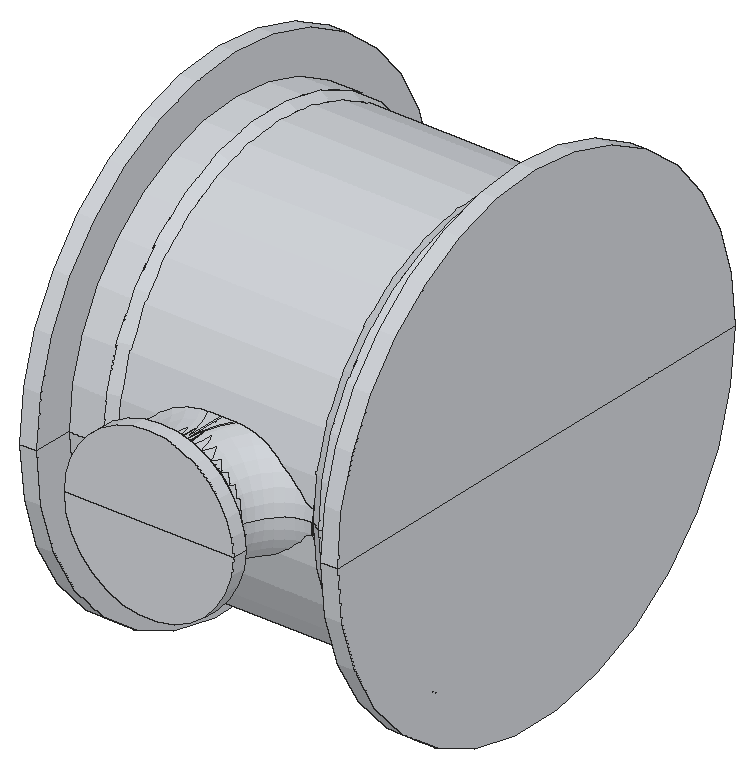
Revit family "0455f124df8f433390dfeb5a556bd6b6", category Pipe Fittings, Revit 2021
Family settings
  Round Connector Dimension = Use Radius
  Part Type = Tee
  OmniClass Number = 23.60.30.11.14
  OmniClass Title = Pipework Fittings
  Seek Item ID = Tee - PVC - Sch 40-0000-USA-ENU
  Work Plane-Based = No
  Always vertical = Yes
  Cut with Voids When Loaded = No
  Shared = No
Parameters (values of type "Standard")
  Visibility 1 [instance] = Angle = 90.00°  # yes
  Tick Size 2 [instance] = Fitting Outside Diameter 2 * 0.4  # 3.6080"
  Tick Size 1 [instance] = Fitting Outside Diameter 1 * 0.4  # 12.8000"
  Socket Outside Radius 2 [instance] = Socket Outside Diameter 2 / 2  # 4.8850"
  Socket Outside Radius 1 [instance] = Socket Outside Diameter 1 / 2  # 16.4100"
  Socket Outside Diameter 1 [instance] = size_lookup(Lookup Table Name, "SOD", 1.08 * Max Nominal Diameter 12 + 1.1300", Max Nominal Diameter 12)  # 32.8200"
  Socket Outside Diameter 2 [instance] = size_lookup(Lookup Table Name, "SOD", 1.08 * Nominal Diameter 2 + 1.1300", Nominal Diameter 2)  # 9.7700"
  Socket Depth 2 [instance] = if(Nominal Diameter 2 < 14.0000", 2.5000", if(Nominal Diameter 2 < 30.0000", 3.5000", 4.0000"))  # 2.5000"
  Socket Depth 1 [instance] = if(Max Nominal Diameter 12 < 14.0000", 2.5000", if(Max Nominal Diameter 12 < 30.0000", 3.5000", 4.0000"))  # 4.0000"
  Nominal Radius 2 [instance] = 4.0000"
  Nominal Diameter 2 [instance] = Nominal Radius 2 * 2  # 8.0000"
  Max Nominal Diameter 12 [instance] = if(Nominal Diameter 1 < Nominal Diameter 2, Nominal Diameter 2, Nominal Diameter 1)  # 30.0000"
  Lookup Table Name = "Tee Reducing Compact - MJ - DI - Class 250"
  Length 2 [instance] = Socket Depth 2 + Bevel Length 2  # 3.2500"
  Length 1 [instance] = abs(Fitting Outside Radius 1 - Fitting Outside Radius 2)  # 11.4900"
  Fitting Outside Radius 2 [instance] = Fitting Outside Diameter 2 / 2  # 4.5100"
  Fitting Outside Radius 1 [instance] = Fitting Outside Diameter 1 / 2  # 16.0000"
  Fitting Outside Diameter 2 [instance] = size_lookup(Lookup Table Name, "FOD", 1.04 * Nominal Diameter 2 + 0.7000", Nominal Diameter 2)  # 9.0200"
  Fitting Outside Diameter 1 [instance] = size_lookup(Lookup Table Name, "FOD", 1.04 * Max Nominal Diameter 12 + 0.7000", Max Nominal Diameter 12)  # 32.0000"
  Nominal Radius 1 [instance] = 15.0000"
  Nominal Diameter 1 [instance] = Nominal Radius 1 * 2  # 30.0000"
  Loss Method = K Coefficient from Table
  K Coefficient Table = "Tee"
  Default Elevation = 0.0000"
  Bevel Length 2 [instance] = size_lookup(Lookup Table Name, "BvLgt", 0.04 * Nominal Diameter 2 + 0.4300", Nominal Diameter 2)  # 0.7500"
  Bevel Length 1 [instance] = size_lookup(Lookup Table Name, "BvLgt", 0.04 * Max Nominal Diameter 12 + 0.4300", Max Nominal Diameter 12)  # 0.8200"
  Center to Socket Bottom 2 [instance] = size_lookup(Lookup Table Name, "CtSB2", 1.5500" + 0.612 * Max Nominal Diameter 12, Max Nominal Diameter 12)  # 20.0000"
  Center to Socket Bottom 1 Not Found [instance] = if(not(Max Nominal Diameter 12 < Nominal Diameter 2), Center to Socket Bottom 2, 0.2200" + 0.1158 * Nominal Diameter 1 + 0.5182 * Nominal Diameter 2)  # 20.0000"
  Center to Socket Bottom 1 [instance] = size_lookup(Lookup Table Name, "CtSB1", Center to Socket Bottom 1 Not Found, Max Nominal Diameter 12, Nominal Diameter 2)  # 8.5000"
  Center to End 2 Label [instance] = if((Center to End 2 - Gland Width 2) * tan(Angle 1 / 2) > Gland Outside Radius 1, Center to End 2, Gland Outside Radius 1 / tan(Angle 1 / 2) + Gland Width 2)  # 22.5000"
  Center to End 2 [instance] = Center to Socket Bottom 2 + Socket Depth 2  # 22.5000"
  Center to End 1 Label [instance] = if((Center to End 2 - Gland Width 2) * tan(Angle 1 / 2) > Gland Outside Radius 1, Center to End 1, Gland Outside Radius 1 / tan(Angle 1 / 2) + Gland Width 2)  # 12.5000"
  Center to End 1 [instance] = Center to Socket Bottom 1 + Socket Depth 1  # 12.5000"
  Center Radius [instance] = Center to Socket Bottom 1 - Bevel Length 1  # 7.6800"
  Center Radius Label [instance] = if(Center to Socket Bottom 2 - Bevel Length 2 - Length 1 < Center Radius, Center to Socket Bottom 2 - Bevel Length 2 - Length 1, Center Radius)  # 7.6800"
  Gland Width 2 [instance] = size_lookup(Lookup Table Name, "GWid", 0.03 * Nominal Diameter 2 + 0.9400", Nominal Diameter 2)  # 1.1800"
  Gland Width 1 [instance] = size_lookup(Lookup Table Name, "GWid", 0.03 * Max Nominal Diameter 12 + 0.9400", Max Nominal Diameter 12)  # 1.3100"
  Gland Outside Radius 2 [instance] = Gland Outside Diameter 2 / 2  # 6.6550"
  Gland Outside Radius 1 [instance] = Gland Outside Diameter 1 / 2  # 19.5600"
  Gland Outside Diameter 2 [instance] = size_lookup(Lookup Table Name, "GOD", 1.16 * Nominal Diameter 2 + 4.0300", Nominal Diameter 2)  # 13.3100"
  Gland Outside Diameter 1 [instance] = size_lookup(Lookup Table Name, "GOD", 1.16 * Max Nominal Diameter 12 + 4.0300", Max Nominal Diameter 12)  # 39.1200"
  Angle 1 [instance] = if(Angle > 90.00°, 180.00° - Angle, Angle)  # 90.00°
  Angle [instance] = 90.00°
Reference planes (in)
  plane 1 "Center (Front/Back)": y = 0
  plane 2: z = 0
  plane 3 "Center (Left/Right)": x = 0
  plane 4: y = -20
  plane 5: y = 19.56
  plane 6: y = 16.41
  plane 7: y = 16
  plane 8: x = -12.5
  plane 9: x = -11.19
  plane 10: x = -7.68
  plane 11: x = -8.5
  plane 12: x = 12.5
  plane 13: x = 11.19
  plane 14: x = 7.68
  plane 15: x = 8.5
  plane 16: y = -19.25
  plane 17: x = -7.68
  plane 18: x = 7.68
  plane 19: z = 4.51
  plane 20: z = -4.51
  plane 21: y = 12.8
  plane 22: y = -12.8
  plane 23: y = -11.49
  plane 24: y = -19.17
Forms (in)
  Revolve 1, solid, detail levels fine
    sketch origin (0, 0, 0) x (1, 0, 0) y (0, 1, 0)
      loop
        line (-12.5, 0) -> (12.5, 0) -> (12.5, 19.56) -> (11.19, 19.56) -> (11.19, 16.41) -> (8.5, 16.41) -> (7.68, 16) -> (-7.68, 16) -> (-8.5, 16.41) -> (-11.19, 16.41) -> (-11.19, 19.56) -> (-12.5, 19.56) -> (-12.5, 0)
      axis (-12.5, 0) -> (12.5, 0)
    angle from 0 to 360
  Sweep 2, solid, visible <- "Visibility 1", detail levels fine
    path origin (0, 0, 0) x (1, 0, 0) y (0, 1, 0)
      loop
        arc (-7.68, -11.49) -> (-2.24942, -13.73942) -> (0, -19.17) r 7.68
    profile origin (0, -19.17, 0) x (1, 0, 0) y (0, 0, 1)
      loop
        circle (0, 0) r 4.51
  Sweep 3, solid, visible <- "Visibility 1", detail levels fine
    path origin (0, 0, 0) x (-1, 0, 0) y (0, 1, 0)
      loop
        arc (-7.68, -11.49) -> (-2.24942, -13.73942) -> (0, -19.17) r 7.68
    profile origin (0, -19.17, 0) x (1, 0, 0) y (0, 0, 1)
      loop
        circle (0, 0) r 4.51
  Extrusion 4, solid, visible <- "Visibility 1", detail levels fine
    sketch origin (0, 0, 0) x (1, 0, 0) y (0, 1, 0)
      loop
        arc (-7.68, -11.49) -> (-2.24942, -13.73942) -> (0, -19.17) r 7.68
        arc (0, -19.17) -> (2.24942, -13.73942) -> (7.68, -11.49) r 7.68
        line (7.68, -11.49) -> (-7.68, -11.49)
    from -4.51 to 4.51
  Revolve 5, solid, detail levels fine
    sketch origin (0, 0, 0) x (0, -1, 0) y (1, 0, 0)
      loop
        line (22.5, 0) -> (0, 0) -> (0, -4.51) -> (19.25, -4.51) -> (20, -4.885) -> (21.32, -4.885) -> (21.32, -6.655) -> (22.5, -6.655) -> (22.5, 0)
      axis (0, 0) -> (22.5, 0)
    angle from 0 to 360
Cuts and joins
  joined: Revolve 1, Revolve 5
Lines and regions (in)
  model lines, detail levels coarse+medium
    curve 1: line (-12.5, 12.8, 0) -> (-12.5, -12.8, 0)
    curve 2: line (12.5, 12.8, 0) -> (12.5, -12.8, 0)
    curve 5: line (-3.608, -22.5, 0) -> (3.608, -22.5, 0)
  model lines, style "PipeFitting", detail levels coarse+medium
    curve 3: line (-12.5, 0, 0) -> (12.5, 0, 0)
    curve 6: line (0, 0, 0) -> (0, -22.5, 0)
  reference lines, not visible
    curve 4: line (0, 0, 0) -> (0, -22.5, 0)
Dimensions and locks (in)
  "Center to Socket Bottom 2": plane 4 to plane 1 "Center (Front/Back)"
  "Fitting Outside Radius 1": plane 7 to plane 1 "Center (Front/Back)"
  "Socket Outside Radius 1": plane 6 to plane 1 "Center (Front/Back)"
  "Gland Outside Radius 1": plane 5 to plane 1 "Center (Front/Back)"
  "Gland Width 1": plane 8 to plane 9
  "Socket Depth 1": plane 8 to plane 11
  "Bevel Length 1": plane 11 to plane 10
  "Gland Width 1": plane 12 to plane 13
  "Socket Depth 1": plane 12 to plane 15
  "Bevel Length 1": plane 14 to plane 15
  "Bevel Length 2": plane 16 to plane 4
  "Center Radius Label": plane 17 to plane 3 "Center (Left/Right)"
  "Center Radius Label": plane 3 "Center (Left/Right)" to plane 18
  "Fitting Outside Radius 2": plane 19 to plane 2
  "Fitting Outside Radius 2": plane 20 to level
  "Tick Size 1": plane 1 "Center (Front/Back)" to plane 22
  "Tick Size 1": plane 21 to plane 1 "Center (Front/Back)"
  "Center Radius Label": plane 23 to plane 24
  "Center to End 2 Label": curve 4 to curve 4
  "Tick Size 2": curve 5 to curve 4
  "Tick Size 2": curve 4 to curve 5
  "Center to End 2 Label": curve 6 to curve 6
  "Center to End 2 Label": Revolve 5 sketch curve to Revolve 5 sketch curve
  "Gland Outside Radius 2": Revolve 5 sketch curve to Revolve 5 sketch curve
  "Socket Outside Radius 2": Revolve 5 sketch curve to Revolve 5 sketch curve
  "Fitting Outside Radius 2": Revolve 5 sketch curve to Revolve 5 sketch curve
  "Gland Width 2": Revolve 5 sketch curve to Revolve 5 sketch curve
  "Socket Depth 2": Revolve 5 sketch curve to Revolve 5 sketch curve
  "Length 2": Revolve 5 sketch curve to Revolve 5 sketch curve
  "Center to End 1 Label": plane 8 to plane 3 "Center (Left/Right)"
  "Center to End 1 Label": plane 3 "Center (Left/Right)" to plane 12
  "Length 1": plane 1 "Center (Front/Back)" to plane 23
  "Center Radius Label": radius of Sweep 2 sketch curve
  "Fitting Outside Radius 2": radius of Sweep 2 sketch curve
  "Center Radius Label": radius of Sweep 3 sketch curve
  "Fitting Outside Radius 2": radius of Sweep 3 sketch curve
  "Center Radius Label": radius of Extrusion 4 sketch curve  (x2)
  "Angle": angle curve 4 to plane 1 "Center (Front/Back)"
  locked: curve 4 to curve 5 (angle 90.00°)
  "Angle": angle curve 6 to plane 1 "Center (Front/Back)"
  "Angle": angle Revolve 5 sketch curve to plane 1 "Center (Front/Back)"
  aligned and locked: plane 1 "Center (Front/Back)" to Revolve 1 sketch curve
  aligned and locked: plane 8 to Revolve 1 sketch curve
  aligned and locked: Revolve 1 sketch curve to plane 5  (x2)
  aligned and locked: Revolve 1 sketch curve to plane 7
  aligned and locked: Revolve 1 sketch curve to plane 6  (x2)
  aligned and locked: plane 13 to Revolve 1 sketch curve
  aligned and locked: Revolve 1 sketch curve to plane 12
  aligned and locked: Revolve 1 sketch curve to plane 9
  aligned and locked: Revolve 1 sketch curve to Revolve 1 sketch curve
  aligned and locked: plane 11 to Revolve 1 sketch curve
  aligned and locked: plane 10 to Revolve 1 sketch curve
  aligned and locked: Revolve 1 sketch curve to plane 14
  aligned and locked: Revolve 1 sketch curve to plane 15
  aligned and locked: plane 17 to Sweep 2 sketch curve
  aligned and locked: plane 18 to Sweep 3 sketch curve
  aligned and locked: plane 22 to curve 2
  aligned and locked: plane 21 to curve 2
  aligned and locked: curve 2 to plane 12
  aligned and locked: plane 22 to curve 1
  aligned and locked: plane 21 to curve 1
  aligned and locked: curve 1 to plane 8
  aligned and locked: plane 1 "Center (Front/Back)" to curve 3
  aligned and locked: plane 8 to curve 3
  aligned and locked: plane 12 to curve 3
  aligned and locked: plane 24 to Sweep 2 sketch curve
  aligned and locked: plane 24 to Sweep 3 sketch curve
  aligned and locked: plane 17 to Extrusion 4 sketch curve
  aligned and locked: plane 24 to Extrusion 4 sketch curve  (x2)
  aligned and locked: plane 18 to Extrusion 4 sketch curve
  aligned and locked: plane 20 to Extrusion 4
  aligned and locked: plane 19 to Extrusion 4
  aligned and locked: plane 3 "Center (Left/Right)" to curve 4
  aligned and locked: plane 1 "Center (Front/Back)" to curve 4
  aligned and locked: curve 5 to curve 4
  aligned and locked: plane 3 "Center (Left/Right)" to curve 6
  aligned and locked: plane 1 "Center (Front/Back)" to curve 6
  aligned and locked: plane 3 "Center (Left/Right)" to Revolve 5 sketch curve
  aligned and locked: plane 1 "Center (Front/Back)" to Revolve 5 sketch curve
  aligned and locked: Revolve 5 sketch curve to Revolve 5 sketch curve  (x3)
Automatic sketch dimensions
  Revolve 1 sketch curve to plane 8 = 1.01143"
  Revolve 1 sketch curve to plane 12 = 1.76143"
  Sweep 2 sketch curve to level = 0.0000"
  profile plane to Sweep 2 sketch curve = 0.0000"
  Sweep 3 sketch curve to level = 0.0000"
  profile plane to Sweep 3 sketch curve = 0.0000"
Connectors (in)
  piping at (-12.5, 0, 0), diameter 30, driven by "Nominal Radius 1"
    settings: on Revolve 1, index 1, connector inside diameter 30.0000", connector length 0.0000", flow factor 0, pipe flow 0 GPM, pressure drop 0.00 psi, fitting loss kfactor 0, connector angle 0.00°, fixture units 0, engagement length 0.0000", angle of deflection 0.00°, flow configuration 0, flow direction 0, fitting loss method 0, system type 28, joint type 0, gender type 0, connector reference index 2, connector utility 0, adjustable connector no, is connector primary yes, connector description ""
  piping at (12.5, 0, 0), diameter 30, driven by "Nominal Radius 1"
    settings: on Revolve 1, index 2, connector inside diameter 30.0000", connector length 0.0000", flow factor 0, pipe flow 0 GPM, pressure drop 0.00 psi, fitting loss kfactor 0, connector angle 0.00°, fixture units 0, engagement length 0.0000", angle of deflection 0.00°, flow configuration 0, flow direction 0, fitting loss method 0, system type 28, joint type 0, gender type 0, connector reference index 1, connector utility 0, adjustable connector no, is connector primary no, connector description ""
  piping at (0, -22.5, 0), diameter 8, driven by "Nominal Radius 2", driven by "Angle"
    settings: on Revolve 5, index 3, connector inside diameter 8.0000", connector length 0.0000", flow factor 0, pipe flow 0 GPM, pressure drop 0.00 psi, fitting loss kfactor 0, connector angle 90.00°, fixture units 0, engagement length 0.0000", angle of deflection 0.00°, flow configuration 0, flow direction 0, fitting loss method 0, system type 28, joint type 0, gender type 0, connector reference index -1, connector utility 0, adjustable connector no, is connector primary no, connector description ""
